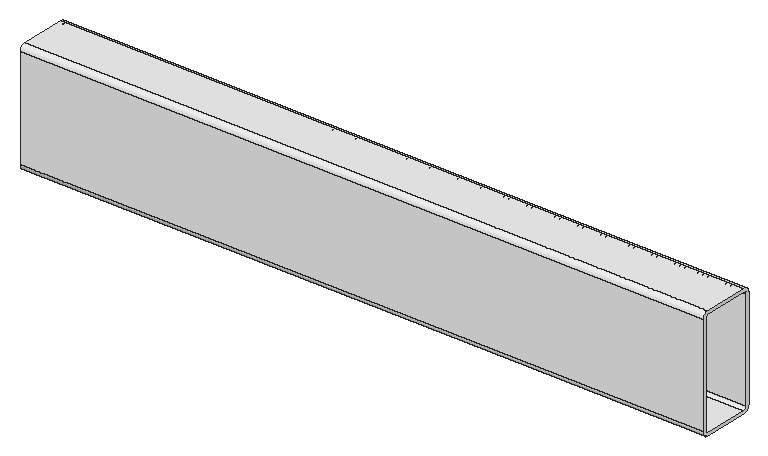
Revit family
Parameters (values of type "200x100RHS")
  시작 확장 계산 [instance] = 3012.5 mm + 시작 확장  # 3000 mm
  시작 확장 [instance] = -12.5 mm
  끝 확장 계산 [instance] = 3012.5 mm + 끝 확장  # 3000 mm
  끝 확장 [instance] = -12.5 mm
  보 재료 [instance] = 금속 - 스틸 - 345 MPa
  A = 28.70 m²
  Ix = 0
  Length [instance] = 1524 mm
  M = 22.6
  Zx = 0
  b = 100 mm
  h = 200 mm
  tr = 2 * t  # 10 mm
  t = 5 mm
Reference planes
  plane 1 "중심(앞/뒤)": y = 0
  plane 2: z = 0
  plane 3 "중심(왼쪽/오른쪽)": x = 4.61
  plane 4 "왼쪽 부재": x = -604.99
  plane 5 "오른쪽 부재": x = 614.21
  plane 6: y = 50
  plane 7: y = -50
  plane 8 "상단": z = 100
  plane 9: z = -100
  plane 10 "왼쪽": x = -757.39
  plane 11 "오른쪽": x = 766.61
  plane 12: x = -604.99
  plane 13: x = 614.21
  plane 14: x = 2395.01
  plane 15: x = -2385.79
Forms (mm)
  Sweep 1, solid, material "금속 - 스틸 - 345 MPa" <- "보 재료", detail levels medium
    path origin (0, 0, 0) x (1, 0, 0) y (0, 1, 0)
      loop
        line (614.21, 0) -> (-604.99, 0)
    profile "M_속 빈-구조-단면-프로파일-중간 : M_속 빈-구조-단면-프로파일-중간" origin (4.61, 0, 0) x (0, -1, 0) y (0, 0, 1)
      loop
        line (-45, 95) -> (-45, -95) -> (45, -95) -> (45, 95) -> (-45, 95)
      loop
        line (-50, -100) -> (50, -100) -> (50, 100) -> (-50, 100) -> (-50, -100)
  Sweep 2, solid, material "금속 - 스틸 - 345 MPa" <- "보 재료", detail levels fine
    path origin (0, 0, 0) x (1, 0, 0) y (0, 1, 0)
      loop
        line (614.21, 0) -> (-604.99, 0)
    profile "M_속 빈-구조-단면-프로파일-섬세 : M_속 빈-구조-단면-프로파일-섬세" origin (4.61, 0, 0) x (0, -1, 0) y (0, 0, 1)
      loop
        arc (-40, 95) -> (-43.536, 93.536) -> (-45, 90) r 5
        line (-45, 90) -> (-45, -90)
        arc (-45, -90) -> (-43.536, -93.536) -> (-40, -95) r 5
        line (-40, -95) -> (40, -95)
        arc (40, -95) -> (43.536, -93.536) -> (45, -90) r 5
        line (45, -90) -> (45, 90)
        arc (45, 90) -> (43.536, 93.536) -> (40, 95) r 5
        line (40, 95) -> (-40, 95)
      loop
        arc (-50, -90) -> (-47.071, -97.071) -> (-40, -100) r 10
        line (-40, -100) -> (40, -100)
        arc (40, -100) -> (47.071, -97.071) -> (50, -90) r 10
        line (50, -90) -> (50, 90)
        arc (50, 90) -> (47.071, 97.071) -> (40, 100) r 10
        line (40, 100) -> (-40, 100)
        arc (-40, 100) -> (-47.071, 97.071) -> (-50, 90) r 10
        line (-50, 90) -> (-50, -90)
Lines and regions (mm)
  symbolic lines, style "숨겨진 면", detail levels medium+fine
    curve 1: line (614.21, -45, 0) -> (-604.99, -45, 0)
    curve 2: line (614.21, 45, 0) -> (-604.99, 45, 0)
    curve 3: line (-604.99, 0, 95) -> (614.21, 0, 95)
    curve 4: line (-604.99, 0, -95) -> (614.21, 0, -95)
  symbolic lines, style "기호 부착", detail levels coarse
    curve 5: line (4.61, 50, 100) -> (4.61, -50, 100)
    curve 6: line (4.61, -50, 100) -> (4.61, -50, -100)
    curve 7: line (4.61, -50, -100) -> (4.61, 50, -100)
    curve 8: line (4.61, 50, -100) -> (4.61, 50, 100)
Dimensions and locks
  "b": plane 6 to plane 7
  "h": plane 9 to plane 8 "상단"
  equal spacing: plane 9, plane 2, plane 8 "상단"
  equal spacing: plane 6, plane 1 "중심(앞/뒤)", plane 7
  "t": plane 6 to curve 2
  "t": curve 1 to plane 7
  "t": plane 8 "상단" to curve 3
  "t": curve 4 to plane 9
  "Length": plane 10 "왼쪽" to plane 11 "오른쪽"
  locked: plane 4 "왼쪽 부재" to plane 14 at 3000
  locked: plane 15 to plane 5 "오른쪽 부재" at 3000
  "끝 확장 계산": plane 15 to plane 13
  "시작 확장 계산": plane 12 to plane 14
  aligned and locked: plane 4 "왼쪽 부재" to curve 3
  aligned and locked: plane 5 "오른쪽 부재" to curve 3
  aligned and locked: plane 4 "왼쪽 부재" to curve 4
  aligned and locked: plane 5 "오른쪽 부재" to curve 4
  aligned and locked: Sweep 1 sketch curve to plane 1 "중심(앞/뒤)"
  aligned and locked: Sweep 2 sketch curve to plane 1 "중심(앞/뒤)"
  aligned and locked: curve 5 to Sweep 1
  aligned and locked: curve 6 to Sweep 1
  aligned and locked: curve 7 to Sweep 1
  aligned and locked: curve 8 to Sweep 1
  aligned and locked: plane 12 to Sweep 2 sketch curve
  aligned and locked: plane 13 to Sweep 2 sketch curve
  aligned and locked: plane 12 to Sweep 1 sketch curve
  aligned and locked: plane 13 to Sweep 1 sketch curve
Automatic sketch dimensions
  curve 1 to plane 4 "왼쪽 부재" = 0 mm
  curve 2 to plane 4 "왼쪽 부재" = 0 mm
  curve 2 to plane 5 "오른쪽 부재" = 0 mm
  curve 1 to plane 5 "오른쪽 부재" = 0 mm
